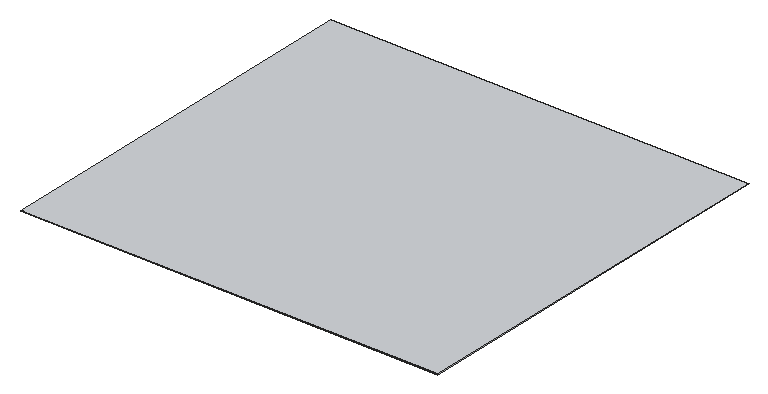
Revit family "Bay_template", category Walls, Revit 2025
Family settings
  Work Plane-Based = No
  Always vertical = No
  Cut with Voids When Loaded = No
  Shared = Yes
Parameters
  duHast_width [instance] = 2367.295 mm
  duHast_sub_department_name [instance] = ""
  duHast_sub_department_code [instance] = ""
  duHast_room_number [instance] = ""
  duHast_room_name_abbreviated [instance] = ""
  duHast_room_name [instance] = ""
  duHast_room_id [instance] = ""
  duHast_height [instance] = 2438.4 mm
  duHast_functional_group_name [instance] = ""
  duHast_functional_group_code [instance] = ""
  duHast_depth [instance] = 1044.001 mm
  duHast_department_name [instance] = ""
  duHast_department_code [instance] = ""
  duHast_area_designed_to_area_briefed_as_percentage [instance] = if(duHast_area_designed_centre_wall - duHast_area_briefed = 0.00 m², 0, if(duHast_area_briefed = 0.00 m², 9999, 100 * (duHast_area_designed_centre_wall - duHast_area_briefed) / duHast_area_briefed))  # 0
  duHast_area_designed_minus_area_briefed_difference [instance] = duHast_area_designed_centre_wall - duHast_area_briefed  # 0.00 m²
  duHast_area_designed_centre_wall [instance] = 0.00 m²
  duHast_area_briefed [instance] = 0.00 m²
  Type IFC Predefined Type = "PARTITIONING"
  Structural Material = <By Category>
  Export Type to IFC As = "IfcWallType"
Reference planes
  plane 1: z = 0
  plane 2: z = 2438.4
  plane 3: x = 0
  plane 4: y = 0
Dimensions and locks
  "duHast_height": plane 2 to level
  aligned and locked: nested 3 to plane 3
  aligned and locked: plane 4 to nested 3
  aligned and locked: nested 2 to plane 3
  aligned and locked: plane 4 to nested 2
Nested families
  nested 1: "Nested_tag" at (0, -0.618, 0), duHast_depth <- "duHast_depth", duHast_width <- "duHast_width", duHast_room_id <- "duHast_room_id", duHast_room_name_abbreviated <- "duHast_room_name", duHast_room_number <- "duHast_room_number", duHast_area_briefed <- "duHast_area_briefed", duHast_area_designed_centre_wall <- "duHast_area_designed_centre_wall", type "Nested_tag"
    with duHast_width 2367.295 mm, duHast_room_number "", duHast_room_name_abbreviated "", duHast_room_id "", duHast_depth 1044.001 mm, duHast_area_designed_centre_wall 0.00 m², duHast_area_briefed 0.00 m²
  nested 2: "Inner_nested_bay_template" at (0, 0, 0), duHast_depth <- "duHast_depth", duHast_height <- "duHast_height", duHast_width <- "duHast_width", duHast_department_code <- "duHast_department_code", duHast_department_name <- "duHast_department_name", duHast_functional_group_code <- "duHast_functional_group_code", duHast_functional_group_name <- "duHast_functional_group_name", duHast_room_id <- "duHast_room_id", duHast_room_name <- "duHast_room_name", duHast_room_name_abbreviated <- "duHast_room_name_abbreviated", duHast_room_number <- "duHast_room_number", duHast_sub_department_code <- "duHast_sub_department_code", duHast_sub_department_name <- "duHast_sub_department_name", duHast_area_designed_minus_area_briefed_difference <- "duHast_area_designed_minus_area_briefed_difference", duHast_area_designed_to_area_briefed_as_percentage <- "duHast_area_designed_to_area_briefed_as_percentage", type "Inner_nested", detail levels medium+fine
    with duHast_width 2367.295 mm, duHast_sub_department_name "", duHast_sub_department_code "", duHast_room_number "", duHast_room_name_abbreviated "", duHast_room_name "", duHast_room_id "", duHast_height 2438.4 mm, duHast_functional_group_name "", duHast_functional_group_code "", duHast_depth 1044.001 mm, duHast_department_name "", duHast_department_code "", duHast_area_designed_to_area_briefed_as_percentage 0, duHast_area_designed_minus_area_briefed_difference 0.00 m²
  nested 3: "Inner_nested_bay_coarse_template" at (0, 0, 0), duHast_depth <- "duHast_depth", duHast_height <- "duHast_height", duHast_width <- "duHast_width", duHast_department_code <- "duHast_department_code", duHast_department_name <- "duHast_department_name", duHast_functional_group_code <- "duHast_functional_group_code", duHast_functional_group_name <- "duHast_functional_group_name", duHast_room_id <- "duHast_room_id", duHast_room_name <- "duHast_room_name", duHast_room_name_abbreviated <- "duHast_room_name_abbreviated", duHast_room_number <- "duHast_room_number", duHast_sub_department_code <- "duHast_sub_department_code", duHast_sub_department_name <- "duHast_sub_department_name", duHast_area_designed_minus_area_briefed_difference <- "duHast_area_designed_minus_area_briefed_difference", duHast_area_designed_to_area_briefed_as_percentage <- "duHast_area_designed_to_area_briefed_as_percentage", type "Inner_nested", detail levels coarse
    with duHast_width 2367.295 mm, duHast_sub_department_name "", duHast_sub_department_code "", duHast_room_number "", duHast_room_name_abbreviated "", duHast_room_name "", duHast_room_id "", duHast_height 2438.4 mm, duHast_functional_group_name "", duHast_functional_group_code "", duHast_depth 1044.001 mm, duHast_department_name "", duHast_department_code "", duHast_area_designed_to_area_briefed_as_percentage 0, duHast_area_designed_minus_area_briefed_difference 0.00 m²
Definition of nested family "Inner_nested_bay_template"
  Parameters (values of type "Inner_nested")
    duHast_width [instance] = 1880 mm
    duHast_sub_department_name [instance] = ""
    duHast_sub_department_code [instance] = ""
    duHast_room_number [instance] = ""
    duHast_room_name_abbreviated [instance] = ""
    duHast_room_name [instance] = ""
    duHast_room_id [instance] = ""
    duHast_height [instance] = 1574.089 mm
    duHast_functional_group_name [instance] = ""
    duHast_functional_group_code [instance] = ""
    duHast_depth [instance] = 1766.032 mm
    duHast_department_name [instance] = ""
    duHast_department_code [instance] = ""
    duHast_area_designed_to_area_briefed_as_percentage [instance] = 0
    duHast_area_designed_minus_area_briefed_difference [instance] = 0.00 m²
    Default Elevation = 0 mm
  Reference planes
    plane 1 "Center (Front/Back)": y = 0
    plane 2: z = 0
    plane 3 "Center (Left/Right)": x = 0
    plane 4: z = 1574.089
  Forms (mm)
    Extrusion 1, solid, detail levels medium+fine
      sketch origin (0, 0, 0) x (1, 0, 0) y (0, 1, 0)
        loop
          line (-832.073, 775.089) -> (-832.073, -775.089) -> (832.073, -775.089) -> (832.073, 775.089) -> (-832.073, 775.089)
      from 0 to 1
  Lines and regions (mm)
    model lines, detail levels medium+fine
      curve 1: line (0, 0, 0) -> (0, 0, 1574.089)
  Dimensions and locks
    "duHast_height": plane 4 to level
    aligned and locked: level to plane 2
    aligned and locked: plane 4 to curve 1
    aligned and locked: level to curve 1
    aligned and locked: plane 3 "Center (Left/Right)" to curve 1
  Automatic sketch dimensions
    plane 3 "Center (Left/Right)" to Extrusion 1 sketch curve = 832.073 mm
    Extrusion 1 sketch curve to plane 1 "Center (Front/Back)" = 775.089 mm
    Extrusion 1 sketch curve to plane 3 "Center (Left/Right)" = 832.073 mm
    plane 1 "Center (Front/Back)" to Extrusion 1 sketch curve = 775.089 mm
Definition of nested family "Nested_tag"
  Parameters (values of type "Nested_tag")
    duHast_width [instance] = 2000 mm
    duHast_room_number [instance] = "NUMBER"
    duHast_room_name_abbreviated [instance] = "NAME"
    duHast_room_id [instance] = "ID"
    duHast_depth [instance] = 2000 mm
    duHast_area_designed_centre_wall [instance] = 10.00 m²
    duHast_area_briefed [instance] = 10.00 m²
    Learning Link = ""
    Default Elevation = 0 mm
  Reference planes
    plane 1 "Center (Front/Back)": y = 0
    plane 2: z = 0
    plane 3 "Center (Left/Right)": x = 0
  Dimensions and locks
    aligned and locked: level to plane 2
  Nested families
    nested 1: "SYM_Planning_Annotation" at (-30, -159.812, 0), HSL_GROSS_FLOOR_AREA <- "duHast_area_designed_centre_wall", HSL_ROOM_NAME_SHORT <- "duHast_room_name_abbreviated", HSL_drofus_room_func_no <- "duHast_room_number", HSL_DEPTH <- "duHast_depth", HSL_WIDTH <- "duHast_width", HSL_CLIENT_REQ_AREA <- "duHast_area_briefed", type "SYM_Planning_Annotation"
      with HSL_drofus_room_func_no "NUMBER", HSL_WIDTH 2000 mm, HSL_ROOM_NAME_SHORT "NAME", HSL_GROSS_FLOOR_AREA 10.00 m², HSL_DEPTH 2000 mm, HSL_CLIENT_REQ_AREA 10.00 m²
  Definition of nested family "SYM_Planning_Annotation"
    Parameters (values of type "SYM_Planning_Annotation")
      HSL_drofus_room_func_no [instance] = ""
      HSL_WIDTH [instance] = 0 mm
      HSL_ROOM_NAME_SHORT [instance] = ""
      HSL_GROSS_FLOOR_AREA [instance] = 0.00 m²
      HSL_DEPTH [instance] = 0 mm
      HSL_CLIENT_REQ_AREA [instance] = 0.00 m²
    Reference planes
      plane 1: y = 0
      plane 2: x = 0
    Text (mm)
      label "HSL_WIDTH/ HSL_DEPTH\nHSL_drofus_room_func_no\nHSL_ROOM_NAME_SHORT\nHSL_GROSS_FLOOR_AREA /  [HSL_CLIENT_REQ_AREA]" at (1.878, 17.288, 0), shows "HSL_WIDTH", "HSL_DEPTH", "HSL_drofus_room_func_no", "HSL_ROOM_NAME_SHORT", "HSL_GROSS_FLOOR_AREA", "HSL_CLIENT_REQ_AREA"
Definition of nested family "Inner_nested_bay_coarse_template"
  Parameters (values of type "Inner_nested")
    duHast_width [instance] = 3000 mm
    duHast_sub_department_name [instance] = ""
    duHast_sub_department_code [instance] = ""
    duHast_room_number [instance] = ""
    duHast_room_name_abbreviated [instance] = ""
    duHast_room_name [instance] = ""
    duHast_room_id [instance] = ""
    duHast_height [instance] = 1574.089 mm
    duHast_functional_group_name [instance] = ""
    duHast_functional_group_code [instance] = ""
    duHast_depth [instance] = 3000 mm
    duHast_department_name [instance] = ""
    duHast_department_code [instance] = ""
    duHast_area_designed_to_area_briefed_as_percentage [instance] = 0
    duHast_area_designed_minus_area_briefed_difference [instance] = 0.00 m²
    Default Elevation = 0 mm
  Reference planes
    plane 1 "Center (Front/Back)": y = 0
    plane 2: z = 0
    plane 3 "Center (Left/Right)": x = 0
    plane 4: z = 1574.089
  Forms (mm)
    Extrusion 1, solid, detail levels coarse
      sketch origin (0, 0, 0) x (1, 0, 0) y (0, 1, 0)
        loop
          arc (-1200, 1400) -> (-1341.421, 1341.421) -> (-1400, 1200) r 200
          line (-1400, 1200) -> (-1400, -1200)
          arc (-1400, -1200) -> (-1341.421, -1341.421) -> (-1200, -1400) r 200
          line (-1200, -1400) -> (1200, -1400)
          arc (1200, -1400) -> (1341.421, -1341.421) -> (1400, -1200) r 200
          line (1400, -1200) -> (1400, 1200)
          arc (1400, 1200) -> (1341.421, 1341.421) -> (1200, 1400) r 200
          line (1200, 1400) -> (-1200, 1400)
      from 0 to 1
  Lines and regions (mm)
    model lines, detail levels coarse
      curve 1: line (0, 0, 0) -> (0, 0, 1574.089)
    symbolic lines, detail levels coarse
      curve 2: line (1200, 1400, 0) -> (-1200, 1400, 0)
      curve 3: line (-1400, 1200, 0) -> (-1400, -1200, 0)
      curve 4: line (1400, -1200, 0) -> (1400, 1200, 0)
      curve 5: line (-1200, -1400, 0) -> (1200, -1400, 0)
      curve 6: arc (-1400, 1200, 0) -> (-1341.421, 1341.421, 0) -> (-1200, 1400, 0) r 200
      curve 7: arc (1200, 1400, 0) -> (1341.421, 1341.421, 0) -> (1400, 1200, 0) r 200
      curve 8: arc (1400, -1200, 0) -> (1341.421, -1341.421, 0) -> (1200, -1400, 0) r 200
      curve 9: arc (-1200, -1400, 0) -> (-1341.421, -1341.421, 0) -> (-1400, -1200, 0) r 200
  Dimensions and locks
    "duHast_height": plane 4 to level
    aligned and locked: level to plane 2
    aligned and locked: plane 4 to curve 1
    aligned and locked: level to curve 1
    aligned and locked: plane 3 "Center (Left/Right)" to curve 1
  Automatic sketch dimensions
    curve 6 to plane 1 "Center (Front/Back)" = 1200 mm
    Extrusion 1 sketch curve to Extrusion 1 sketch curve = 200 mm  (x3)
    Extrusion 1 sketch curve to plane 1 "Center (Front/Back)" = 1200 mm
    plane 3 "Center (Left/Right)" to curve 5 = 1200 mm
    plane 3 "Center (Left/Right)" to curve 7 = 1200 mm
    curve 7 to curve 4 = 200 mm
    plane 3 "Center (Left/Right)" to Extrusion 1 sketch curve = 1200 mm
    plane 1 "Center (Front/Back)" to curve 8 = 1200 mm
    plane 1 "Center (Front/Back)" to Extrusion 1 sketch curve = 1200 mm
    curve 9 to plane 3 "Center (Left/Right)" = 1200 mm
    curve 6 to plane 3 "Center (Left/Right)" = 1200 mm
    curve 3 to curve 9 = 200 mm
    Extrusion 1 sketch curve to plane 3 "Center (Left/Right)" = 1200 mm  (x2)
